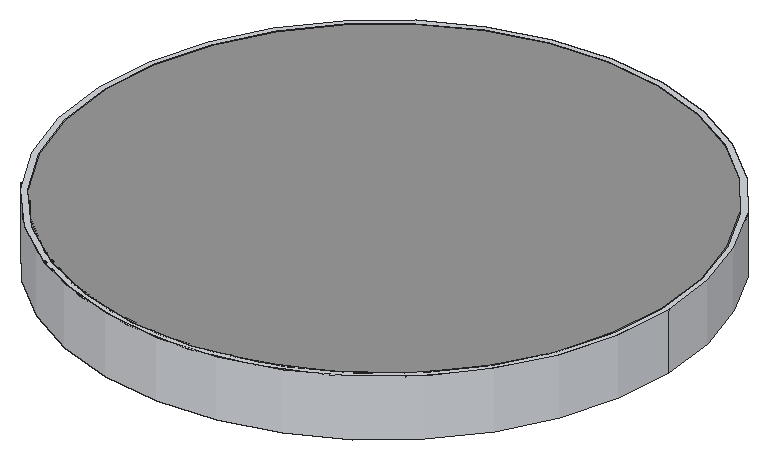
Revit family "2071209", category Lighting Fixtures, host Face, Revit 2018
Family settings
  Host = Face
  Round Connector Dimension = Use Diameter
  Part Type = Normal
  OmniClass Number = 23.80.70.00
  OmniClass Title = Lighting
  Cut with Voids When Loaded = No
  Light Source = Yes
  Shared = No
  Room Calculation Point = No
Parameters (values of type "2071209 COLOSSAL 600 840 OP DIR+H WHT")
  iner diameter = 588 mm
  Weight = "n/a"
  Wattage Comments = ""
  Wattage = 30 W
  WarrantyStartDate [instance] = "n/a"
  WarrantyGuarantorParts = "n/a"
  WarrantyDurationUnit = "n/a"
  WarrantyDurationParts = ""
  WarrantyDescription = "http://www.sylvania-lighting.com"
  built-in parameter 1150110 = 1 (stored number, unit not read)
  Voltage = 230 V
  URL = "0.95"
  TypeName = "COLOSSAL 600mm 840 OPAL DIR+HAL WHITE"
  Type Image = <None>
  Type Comments = "n/a"
  built-in parameter 1114217 = 1 (stored number, unit not read)
  Tilt Angle = -90.00°
  built-in parameter 1150109 = 1 (stored number, unit not read)
  built-in parameter 1150134 = (empty or 0)
  built-in parameter 1150113 = 1 (stored number, unit not read)
  SerialNumber [instance] = "n/a"
  Photometric Web File = "2071209.ies"
  Material_3_SYL = LED-Sylvania
  PowerFactor = 0
  PowerConsumption = "Lighting"
  NominalLength = 600 mm
  NominalHeight = 93 mm
  NominalDepth = 600 mm
  Name = "COLOSSAL 600mm 840 OPAL DIR+HAL WHITE"
  ModelReference = Name  # "COLOSSAL 600mm 840 OPAL DIR+HAL WHITE"
  ModelNumber = "2071209"
  Model = Name  # "COLOSSAL 600mm 840 OPAL DIR+HAL WHITE"
  Material = "Feilo Sylvania"
  ManufacturerName = "134 lm/W"
  Manufacturer = ""
  LuminousEfficacy = ""
  built-in parameter 1150105 = 270.44 (stored number, unit not read)
  Lumens = 3398.4 lm
  LuminaireType = "0"
  built-in parameter 1150115 = 1 (stored number, unit not read)
  LightOutputRatio = "LED"
  built-in parameter 1150137 = (empty or 0)
  built-in parameter 1150139 = (empty or 0)
  LampsType = Lamp  # "n/a"
  LampNominalLuminous = "4000 K"
  LampMacAdamStep = "80"
  LampColourTemperature = "LED"
  LampColourRenderingIndex = "16500"
  built-in parameter 1150112 = 1 (stored number, unit not read)
  built-in parameter 1150114 = 1 (stored number, unit not read)
  Lamp = "n/a"
  Keynote = "n/a"
  InstallationDate [instance] = "n/a"
  InputVoltage = "0"
  InputNominalFrequency = "4000"
  built-in parameter 1150132 = (empty or 0)
  built-in parameter 1150102 = (empty or 0)
  built-in parameter 1150107 = 3000 (stored number, unit not read)
  built-in parameter 1150138 = (empty or 0)
  IngressProtection = "IfcLightFixtureType"
  ImpactProtectionIndex = "IfcLightFixtureType"
  built-in parameter 1150106 = 2.7044 (stored number, unit not read)
  IfcExportType = "IfcLightFixtureType"
  IfcExportAs = "Class I"
  Emit from Circle Diameter = 385 mm
  Emit Shape Visible in Rendering = no
  ElectricShockClassification = "134"
  built-in parameter 1150104 = 10.524 (stored number, unit not read)
  DocumentationLiterature = "http://www.sylvania-lighting.com/product/en-int/products/2071209"
  DimmingControlOptions = "n/a"
  Material_2_SYL = Polycarbonate_Sylvania_White
  Dimming Lamp Color Temperature Shift = <None>
  Description = "600mm diameter circular architectural luminaire, can be surface mounted or suspended. Powder coated aluminium housing (RAL9016) with polycarbonate opal diffuser. Direct/indirect (halo) light distribution, 5445lm luminuous flux, 40.6W system power, 134lm/W luminiaire efficacy. Constant current driver. Colour rendering index Ra >80, 4000K Neutral White LED, chromaticity tolerance of 3-step MacAdam ellipse. IP40, IK03. 450mA drive current. Electrical protection Class1, 220-240V. Reported lifetime 66k hours L90B10."
  Default Elevation = 1219.2 mm
  CreatedOn = "23/03/2022"
  CreatedBy = "@sylvania-lighting.com"
  Cost = 0
  Color Filter = 16777215
  built-in parameter 1114216 [instance] = (empty or 0)
  ClassificationValue = "EF_70_80"
  ClassificationName = "Uniclass2015"
  Material_1_SYL = Polycarbonate_Sylvania_Opal
  BarCode [instance] = "n/a"
  built-in parameter 1114218 = 1 (stored number, unit not read)
  built-in parameter 1150133 = 10 (stored number, unit not read)
  AssetType = "Fixed"
  AssetIdentifier [instance] = "n/a"
  Assembly Code = "D5020200"
  Apparent Load = 40.6 VA
  Material_4_SYL = none
Reference planes
  plane 1 "Center (Front/Back)": y = 0
  plane 2: z = 0
  plane 3 "Center (Left/Right)": x = 0
  plane 4: x = -300
  plane 5: x = 300
  plane 6: y = 300
  plane 7: y = -300
  plane 8: y = 212
  plane 9: y = -212
  plane 10: z = 93
  plane 11: y = 294
  plane 12: y = -294
  plane 13: through (0, 0, 1219.2) normal (0.5, -0.866, 0)
  plane 14: through (-134.29, 20.617, 1219.2) normal (0.5, -0.866, 0)
  plane 15: through (-144.685, -181.683, 1219.2) normal (-0.5, 0.866, 0)
  plane 16: through (0, 0, 1219.2) normal (0.5, 0.866, 0)
  plane 17: through (178.555, -4.939, 1219.2) normal (0.5, 0.866, 0)
  plane 18: through (87.581, -148.715, 1219.2) normal (0.5, 0.866, 0)
  plane 19: y = 272
  plane 20: through (105.168, 227.067, 1219.2) normal (0.866, 0.5, 0)
  plane 21: through (-104.171, 225.672, 1219.2) normal (0.8572, -0.515, 0)
  plane 22: y = -204.612
  plane 23: through (-296.643, -30.2, 1219.2) normal (0.866, 0.5, 0)
  plane 24: through (153.092, -278.837, 1219.2) normal (-0.866, 0.5, 0)
Forms (mm)
  Extrusion 1, solid, detail levels medium+fine
    sketch origin (0, 0, 0) x (1, 0, 0) y (0, 1, 0)
      loop
        circle (0, 0) r 300
    from 33.023 to 93
  Extrusion 2, void
    sketch origin (0, 0, 0) x (1, 0, 0) y (0, 1, 0)
      loop
        circle (0, 0) r 294
    from 93 to 37.292
  Extrusion 3, solid, material "Glass, White, High Luminance", detail levels fine
    sketch origin (0, 0, 0) x (1, 0, 0) y (0, 1, 0)
      loop
        circle (0, 0) r 294
    from 88.026 to 93
  Extrusion 4, solid, detail levels coarse
    sketch origin (0, 0, 0) x (1, 0, 0) y (0, 1, 0)
      loop
        line (-300, 300) -> (-300, -300) -> (300, -300) -> (300, 300) -> (-300, 300)
    from 0 to 93
  Blend 5, solid, detail levels medium+fine
    base sketch origin (0, 0, 0) x (1, 0, 0) y (0, 1, 0)
      loop
        line (-76.334, 272) -> (-277.665, -63.07) -> (-195.946, -204.612) -> (195.946, -204.612) -> (275.172, -67.388) -> (79.226, 272) -> (-76.334, 272)
    top sketch origin (0, 0, 0) x (1, 0, 0) y (0, 1, 0)
      loop
        line (-226.097, -32.388) -> (-141.097, -179.612) -> (141.097, -179.612) -> (226.097, -32.388) -> (85, 212) -> (-85, 212) -> (-226.097, -32.388)
    from 33.023 to 0
Cuts and joins
  Extrusion 2 cuts Extrusion 1
Lines and regions (mm)
  model lines
    curve 1: line (-85, 212, 0) -> (0, 212, 0)
    curve 2: line (0, 212, 0) -> (85, 212, 0)
Dimensions and locks
  "NominalDepth": plane 6 to plane 7
  "NominalLength": plane 4 to plane 5
  equal spacing: plane 4, plane 3 "Center (Left/Right)", plane 5
  "iner diameter": plane 11 to plane 12
  equal spacing: plane 11, plane 1 "Center (Front/Back)", plane 12
  equal spacing: plane 6, plane 1 "Center (Front/Back)", plane 7
  "NominalHeight": plane 10 to level
  radius of Extrusion 2 sketch curve = 294 mm
  aligned and locked: plane 2 to host face
  aligned and locked: level to host face
Automatic sketch dimensions
  host sketch curve to host sketch curve = 2438.4 mm  (x2)
  plane 1 "Center (Front/Back)" to Extrusion 1 sketch curve = 0 mm
  Extrusion 1 sketch curve to plane 3 "Center (Left/Right)" = 0 mm
  plane 1 "Center (Front/Back)" to Extrusion 2 sketch curve = 0 mm
  Extrusion 2 sketch curve to plane 3 "Center (Left/Right)" = 0 mm
  plane 1 "Center (Front/Back)" to Extrusion 3 sketch curve = 0 mm
  Extrusion 3 sketch curve to plane 3 "Center (Left/Right)" = 0 mm
  Extrusion 4 sketch curve to plane 4 = 0 mm
  Extrusion 4 sketch curve to plane 5 = 0 mm
  Extrusion 4 sketch curve to plane 7 = 0 mm
  Extrusion 4 sketch curve to plane 6 = 0 mm
  Blend 5 sketch curve to plane 8 = 0 mm
  Blend 5 sketch curve to plane 3 "Center (Left/Right)" = 85 mm
  plane 3 "Center (Left/Right)" to Blend 5 sketch curve = 85 mm
  plane 9 to Blend 5 sketch curve = 32.388 mm
  plane 3 "Center (Left/Right)" to Blend 5 sketch curve = 141.097 mm
  plane 1 "Center (Front/Back)" to Blend 5 sketch curve = 32.388 mm  (x2)
  Blend 5 sketch curve to plane 5 = 73.903 mm
  Blend 5 sketch curve to plane 3 "Center (Left/Right)" = 141.097 mm
  plane 4 to Blend 5 sketch curve = 73.903 mm
  curve 1 to plane 8 = 0 mm
  curve 2 to plane 3 "Center (Left/Right)" = 0 mm
  curve 1 to plane 3 "Center (Left/Right)" = 85 mm
  curve 1 to curve 2 = 85 mm
  Blend 5 sketch curve to plane 21 = 0 mm
  Blend 5 sketch curve to plane 23 = 0 mm  (x2)
  Blend 5 sketch curve to plane 22 = 0 mm
  Blend 5 sketch curve to plane 19 = 0 mm
  plane 21 to Blend 5 sketch curve = 0 mm
  Blend 5 sketch curve to plane 20 = 0 mm  (x2)
  Blend 5 sketch curve to plane 24 = 0 mm  (x2)
  radius of Extrusion 1 sketch curve = 300 mm
  radius of Extrusion 3 sketch curve = 294 mm
Connectors
  electrical at (0, 0, 0), driven by "Apparent Load", driven by "PowerFactor", driven by "Voltage"
    settings: index 1, voltage 230 V, apparent load 40.6 VA, apparent load phase1 0 VA, apparent load phase2 0 VA, apparent load phase3 0 VA, power factor 0, load classification "Lighting", number of poles 1, system type 30, power factor state 1, is connector primary yes, connector utility no, sub classification motor no, connector description ""
